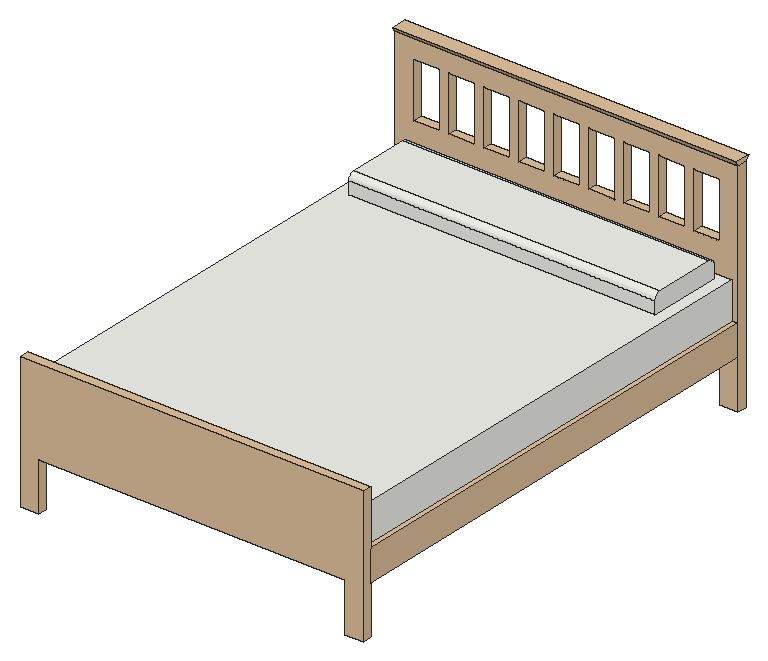
Revit family "44cb614d5eff4634bf765f5cd94dc541", category Furniture, Revit 2021
Family settings
  OmniClass Number = 23.40.20.17.14.11
  OmniClass Title = Beds
  Seek Item ID = Bed-Shaker-0000-USA-ENU
  Work Plane-Based = No
  Always vertical = Yes
  Cut with Voids When Loaded = No
  Shared = No
  Room Calculation Point = No
Parameters (values of type "Double 56" x 78"")
  Default Elevation = 0' - 0"
  Assembly Code = "E2020200"
  Frame Material = Birch
  Length = 6' - 6"
  Mattress Material = Linen, White
  Width = 4' - 8"
Types (4): name | Length | Width
  Double 56" x 78" | 6' - 6" | 4' - 8"
  Twin 41" x 78" | 6' - 6" | 3' - 5"
  Queen 62" x 83" | 6' - 11" | 5' - 2"
  King 78" x 83" | 6' - 11" | 6' - 6"
Reference planes (in)
  plane 1 "Back": y = 0
  plane 2: z = 0
  plane 3 "Center (Left/Right)": x = -0.75
  plane 4: x = -28.75
  plane 5: x = 27.25
  plane 6 "Front": y = -78
  plane 7: z = 36
  plane 8: z = 19
  plane 9: x = 25.75
  plane 10: x = -25.75
  plane 11: x = 24.25
Forms (in)
  Extrusion 1, solid, material "Birch" <- "Frame Material"
    sketch origin (0, 0, 0) x (1, 0, 0) y (0, 0, 1)
      loop
        line (-28.7416, 36) -> (-28.7416, 0) -> (-25.75, 0) -> (-25.75, 8) -> (24.25, 8) -> (24.25, 0) -> (27.2605, 0) -> (27.2605, 36) -> (-28.7416, 36)
      loop
        line (-25.75, 33) -> (-25.75, 24) -> (-21.52778, 24) -> (-21.52778, 33) -> (-25.75, 33)
      loop
        line (-20.02778, 33) -> (-20.02778, 24) -> (-15.80556, 24) -> (-15.80556, 33) -> (-20.02778, 33)
      loop
        line (-14.30556, 33) -> (-14.30556, 24) -> (-10.08333, 24) -> (-10.08333, 33) -> (-14.30556, 33)
      loop
        line (-8.58333, 33) -> (-8.58333, 24) -> (-4.36111, 24) -> (-4.36111, 33) -> (-8.58333, 33)
      loop
        line (2.86111, 33) -> (2.86111, 24) -> (7.08333, 24) -> (7.08333, 33) -> (2.86111, 33)
      loop
        line (8.58333, 33) -> (8.58333, 24) -> (12.80556, 24) -> (12.80556, 33) -> (8.58333, 33)
      loop
        line (14.30556, 33) -> (14.30556, 24) -> (18.52778, 24) -> (18.52778, 33) -> (14.30556, 33)
      loop
        line (20.02778, 33) -> (20.02778, 24) -> (24.25, 24) -> (24.25, 33) -> (20.02778, 33)
      loop
        line (-2.86111, 33) -> (-2.86111, 24) -> (1.36111, 24) -> (1.36111, 33) -> (-2.86111, 33)
    from 0 to 1.5
  Extrusion 2, solid, material "Birch" <- "Frame Material"
    sketch origin (0, -78, 0) x (1, 0, 0) y (0, 0, 1)
      loop
        line (-28.75, 0) -> (-25.75, 0) -> (-25.75, 8) -> (24.25, 8) -> (24.25, 0) -> (27.25, 0) -> (27.25, 22) -> (-28.75, 22) -> (-28.75, 0)
    from 0 to -1.5
  Extrusion 3, solid, material "Birch" <- "Frame Material"
    sketch origin (0, 0, 0) x (0, -1, 0) y (0, 0, 1)
      loop
        line (1.5, 8.01478) -> (76.5, 8.01478) -> (76.5, 13.01478) -> (1.5, 13.01478) -> (1.5, 8.01478)
    from 27.75 to 28.75
  Extrusion 4, solid, material "Birch" <- "Frame Material"
    sketch origin (27.25, 0, 0) x (0, -1, 0) y (0, 0, 1)
      loop
        line (76.5, 7.99604) -> (76.5, 12.99604) -> (1.5, 12.99604) -> (1.5, 7.99604) -> (76.5, 7.99604)
    from 0 to 1
  Extrusion 5, solid, material "Linen, White" <- "Mattress Material"
    sketch origin (0, 0, 0) x (1, 0, 0) y (0, 1, 0)
      loop
        line (-27.75, -1.5) -> (-27.75, -76.5) -> (26.25, -76.5) -> (26.25, -1.5) -> (-27.75, -1.5)
    from 9 to 19
  Extrusion 6, solid, material "Linen, White" <- "Mattress Material"
    sketch origin (-28.75, 0, 0) x (0, -1, 0) y (0, 0, 1)
      loop
        line (2.69483, 19) -> (14.69483, 19) -> (14.69483, 21)
        arc (14.69483, 21) -> (14.40194, 21.70711) -> (13.69483, 22) r 1
        line (13.69483, 22) -> (3.69483, 22)
        arc (3.69483, 22) -> (2.98772, 21.70711) -> (2.69483, 21) r 1
        line (2.69483, 21) -> (2.69483, 19)
    from -53 to -3
  Sweep 7, solid, material "Birch" <- "Frame Material"
    path origin (0, 0, 0) x (1, 0, 0) y (0, 1, 0)
      loop
        line (-28.7416, 0) -> (27.2605, 0)
    profile origin (-0.74055, 0, 0) x (0, 1, 0) y (0, 0, 1)
      loop
        line (0, 36) -> (0.54545, 36.75) -> (-2.04545, 36.75) -> (-1.5, 36) -> (0, 36)
Lines and regions (in)
  Masking region 1
    outline origin (0, 0, 0) x (1, 0, 0) y (0, 1, 0)
      loop
        line (-28.75, 0) -> (-28.75, -78) -> (27.25, -78) -> (27.25, 0) -> (-28.75, 0)
  symbolic lines
    curve 1: line (27.25, -78, 0) -> (-28.7416, -78, 0)
    curve 2: line (27.25, 0, 0) -> (27.25, -78, 0)
    curve 3: line (-28.7416, 0, 0) -> (27.25, 0, 0)
    curve 4: line (-28.7416, -78, 0) -> (-28.7416, 0, 0)
    curve 5: line (27.25, -76.5, 0) -> (-28.7416, -76.5, 0)
    curve 6: line (27.25, -2.04545, 0) -> (-28.7416, -2.04545, 0)
    curve 7: line (24.25, -14.69483, 0) -> (-25.75, -14.69483, 0)
    curve 8: line (24.25, -2.69483, 0) -> (24.25, -14.69483, 0)
    curve 9: line (-25.75, -2.69483, 0) -> (24.25, -2.69483, 0)
    curve 10: line (-25.75, -14.69483, 0) -> (-25.75, -2.69483, 0)
Dimensions and locks (in)
  equal spacing: plane 4, plane 3 "Center (Left/Right)", plane 5
  "Width": plane 4 to plane 5
  "Length": plane 6 "Front" to plane 1 "Back"
  locked: Extrusion 1 sketch curve to Extrusion 1 sketch curve at 2.9916
  locked: Extrusion 1 sketch curve to Extrusion 1 sketch curve at 1.5  (x8)
  plane 2 to plane 7 = 3' - 0"
  locked: Extrusion 1 to plane 1 "Back" at 1.5
  locked: Extrusion 3 to plane 4 at 1  (x2)
  locked: plane 6 "Front" to Extrusion 3 sketch curve at 1.5
  locked: Extrusion 3 sketch curve to plane 1 "Back" at 1.5
  locked: plane 6 "Front" to Extrusion 4 sketch curve at 1.5
  locked: Extrusion 4 sketch curve to plane 1 "Back" at 1.5
  locked: Extrusion 4 to Extrusion 4 at 1
  locked: Extrusion 4 to plane 5 at 1
  locked: Extrusion 5 sketch curve to Extrusion 1 at 1.5
  locked: plane 6 "Front" to Extrusion 5 sketch curve at 1.5
  equal spacing: Extrusion 1 sketch curve, plane 3 "Center (Left/Right)", Extrusion 1 sketch curve
  equal spacing: plane 9, Extrusion 1 sketch curve, Extrusion 1 sketch curve, Extrusion 1 sketch curve, Extrusion 1 sketch curve, Extrusion 1 sketch curve, Extrusion 1 sketch curve, Extrusion 1 sketch curve, Extrusion 1 sketch curve, Extrusion 1 sketch curve
  locked: plane 9 to plane 5 at 1.5
  locked: plane 5 to Extrusion 1 sketch curve at 3
  locked: plane 4 to plane 10 at 3
  locked: plane 11 to plane 5 at 3
  aligned and locked: plane 7 to Extrusion 1 sketch curve
  aligned and locked: plane 4 to Extrusion 2 sketch curve
  aligned and locked: Extrusion 2 sketch curve to plane 5
  aligned and locked: plane 4 to Extrusion 3
  aligned and locked: Sweep 7 sketch curve to Extrusion 1  (x3)
  aligned and locked: Masking region 1 sketch curve to plane 4
  aligned and locked: plane 5 to Masking region 1 sketch curve
  aligned and locked: plane 1 "Back" to Masking region 1 sketch curve
  aligned and locked: Masking region 1 sketch curve to plane 6 "Front"
  aligned and locked: plane 10 to Extrusion 6
  aligned and locked: Extrusion 6 to plane 11
  aligned and locked: plane 11 to curve 8
  aligned and locked: curve 10 to plane 10
Automatic sketch dimensions
  Extrusion 1 sketch curve to level = 0' - 0"  (x2)
  Extrusion 1 sketch curve to plane 4 = 0' - 3"
  plane 5 to Extrusion 1 sketch curve = 0' - 3"
  level to Extrusion 1 sketch curve = 0' - 8"
  level to Extrusion 1 sketch curve = 2' - 0"
  Extrusion 1 sketch curve to Extrusion 1 sketch curve = 0' - 0"  (x12)
  Extrusion 1 sketch curve to Extrusion 1 sketch curve = 1' - 0"  (x2)
  plane 7 to Extrusion 1 sketch curve = 0' - 3"  (x3)
  Extrusion 1 sketch curve to plane 5 = 0' - 0.0105"
  Extrusion 2 sketch curve to level = 0' - 0"  (x2)
  Extrusion 2 sketch curve to plane 4 = 0' - 3"
  Extrusion 2 sketch curve to Extrusion 2 sketch curve = 0' - 3"
  level to Extrusion 2 sketch curve = 0' - 8"
  Extrusion 2 sketch curve to Extrusion 2 sketch curve = 1' - 2"
  level to Extrusion 3 sketch curve = 0' - 8.01478"
  Extrusion 3 sketch curve to Extrusion 3 sketch curve = 0' - 5"
  level to Extrusion 4 sketch curve = 0' - 7.99604"
  Extrusion 4 sketch curve to Extrusion 4 sketch curve = 0' - 5"
  Extrusion 5 sketch curve to plane 4 = 0' - 1"
  plane 5 to Extrusion 5 sketch curve = 0' - 1"
  Sweep 7 sketch curve to profile plane = 0' - 0"
  profile plane to Sweep 7 sketch curve = 0' - 1 1/2"
  Sweep 7 sketch curve to Sweep 7 sketch curve = 0' - 0.54545"
  Sweep 7 sketch curve to profile plane = 0' - 0.54545"
  level to Sweep 7 sketch curve = 3' - 0"
  Sweep 7 sketch curve to Sweep 7 sketch curve = 0' - 0 3/4"
  Extrusion 6 sketch curve to plane 8 = 0' - 0"
  plane 1 "Back" to Extrusion 6 sketch curve = 0' - 2.69483"
  Extrusion 6 sketch curve to Extrusion 6 sketch curve = 0' - 1"  (x2)
  plane 8 to Extrusion 6 sketch curve = 0' - 2"
  Extrusion 6 sketch curve to Extrusion 6 sketch curve = 0' - 10"
  curve 1 to plane 6 "Front" = 0' - 0"
  curve 4 to plane 1 "Back" = 0' - 0"
  curve 3 to plane 5 = 0' - 0"
  curve 5 to plane 4 = 0' - 0.0084"
  curve 1 to curve 5 = 0' - 1 1/2"
  plane 1 "Back" to curve 8 = 1' - 2.69483"
  plane 1 "Back" to curve 8 = 0' - 2.69483"
  plane 1 "Back" to curve 6 = 0' - 2.04545"
